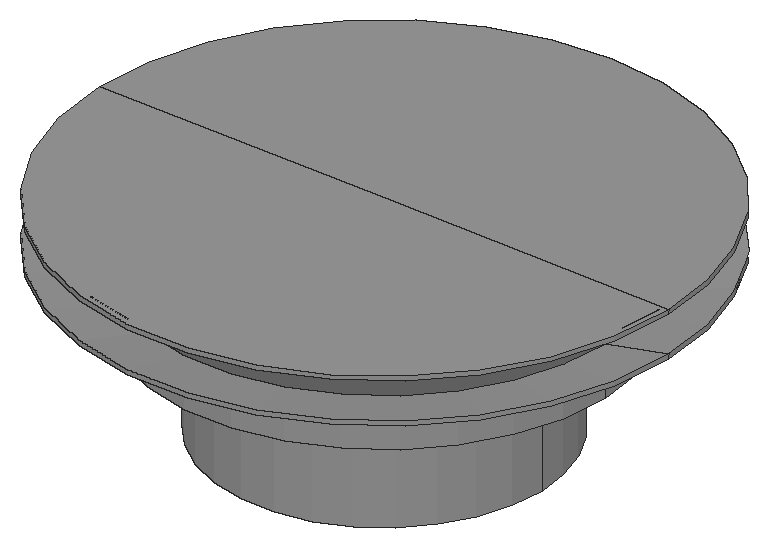
Revit family "Plumbing Fixture_Red Emperor_Rain Water Outlet_Vert", category Plumbing Fixtures, Revit 2015
Parameters (values of type "270Wx270Dx98H 285115")
  URL = "http://www.red-emperor.com.au/"
  Type Comments = ""
  Radius = Manufacturer_Overall Width / 2  # 135 mm
  Pipe Radius = 75 mm
  Pipe Dia = Pipe Radius * 2  # 150 mm
  Offset Positive [instance] = if(Manufacturer_Height From FFL > 0 mm, Manufacturer_Height From FFL, 0 mm)  # 0 mm
  Offset Negative [instance] = if(Manufacturer_Height From FFL < 0 mm, abs(Manufacturer_Height From FFL), 0 mm)  # 0 mm
  Model = "285115"
  Material_ANZRS = z_Red Emperor_Grey
  Manufacturer_URL__Product Specific = "http://www.red-emperor.com.au/all-products/ductile-iron-multi-purpose-heavy-duty-flat-vertical-rain-water-outlet-with-membrane-and-clamp-ring-150mm-pvc-hdpe.aspx"
  Manufacturer_Spec Code = Model  # "285115"
  Manufacturer_Overall Width = 270 mm
  Manufacturer_Overall Height = 98 mm
  Manufacturer_Overall Depth = Manufacturer_Overall Width  # 270 mm
  Manufacturer_Height From FFL [instance] = 0 mm
  Manufacturer = "Red Emperor"  # constant formula
  E = 120 mm  # constant formula
  A = 112 mm  # constant formula
  Description = "Ductile Iron Multi-Purpose Heavy Duty Flat Vertical Rain, Water Outlet (with Membrane and Clamp Ring) 100mm PVC/HDPE"
  CreatedBy_ANZRS = "IGS - BIM Solutions"  # constant formula
  CreatedByURL_ANZRS = "http://www.igsgroup.com.au/"
Types (3, lengths in mm): name | Radius | Pipe Radius | Pipe Dia | Model | Manufacturer_URL__Product Specific | Manufacturer_Spec Code | Manufacturer_Overall Width | Manufacturer_Overall Height | Manufacturer_Overall Depth
  (no name) | 135 | 75 | 150 | "285115" | "http://www.red-emperor.com.au/all-products/ductile-iron-multi-purpose-heavy-duty-flat-vertical-rain-water-outlet-with-membrane-and-clamp-ring-150mm-pvc-hdpe.aspx" | "285115" | 270 | 98 | 270
  260Wx260Dx100H 285101 | 130 | 50 | 100 | "285101" | "http://www.red-emperor.com.au/all-products/ductile-iron-multi-purpose-heavy-duty-flat-vertical-rain-water-outlet-with-membrane-and-clamp-ring-100mm-pvc-hdpe.aspx" | "285101" | 260 | 100 | 260
  270Wx270Dx98H 285115 | 135 | 75 | 150 | "285115" | "http://www.red-emperor.com.au/all-products/ductile-iron-multi-purpose-heavy-duty-flat-vertical-rain-water-outlet-with-membrane-and-clamp-ring-150mm-pvc-hdpe.aspx" | "285115" | 270 | 98 | 270
Reference planes
  plane 1 "Bottom": z = -98
  plane 2 "Center (Left/Right)": x = 0
  plane 3 "Offset Positive": z = 0
  plane 4 "Right": x = 135
  plane 5 "Left": x = -135
  plane 6 "Back": y = 155.962
  plane 7 "Front": y = -114.038
  plane 8 "Center (Front/Back)": y = 20.962
  plane 9 "Top": z = 0
  plane 10 "Outlet Left": x = -75
  plane 11 "Outlet Right": x = 75
  plane 12 "Outlet Back": y = 95.962
  plane 13 "Outlet Front": y = -54.038
Forms (mm)
  Revolve 1, solid, material "z_Red Emperor_Grey" <- "Material_ANZRS"
    sketch origin (-636.066, 20.962, 1200) x (-1, 0, 0) y (0, 0, 1)
      loop
        line (-501.066, -1200) -> (-636.066, -1200) -> (-636.066, -1298) -> (-561.066, -1298) -> (-561.066, -1248) -> (-531.066, -1248) -> (-531.066, -1227.071) -> (-501.066, -1221.032) -> (-501.066, -1218.962) -> (-531.066, -1225) -> (-506.066, -1202) -> (-501.066, -1202) -> (-501.066, -1200)
      axis (-636.066, -1200) -> (-636.066, -1298)
    angle from 0 to 360
Lines and regions (mm)
  Masking region 1
    outline origin (0, 0, 0) x (1, 0, 0) y (0, 0, 1)
      loop
        line (-135, 0) -> (-135, -2) -> (-130, -2) -> (-113.038, -18.962) -> (-135, -18.962) -> (-135, -21.032) -> (-105, -27.071) -> (-105, -48) -> (-75, -48) -> (-75, -98) -> (75, -98) -> (75, -48) -> (105, -48) -> (105, -27.071) -> (135, -21.032) -> (135, -18.962) -> (113.038, -18.962) -> (130, -2) -> (135, -2) -> (135, 0) -> (-135, 0)
  Masking region 2
    outline origin (0, 0, 0) x (0, 1, 0) y (0, 0, 1)
      loop
        line (155.962, 0) -> (-114.038, 0) -> (-114.038, -2) -> (-108.992, -2) -> (-92.03, -16.962) -> (-114.038, -16.962) -> (-114.038, -21.032) -> (-84.038, -27.071) -> (-84.038, -48) -> (-54.038, -48) -> (-54.038, -98) -> (95.962, -98) -> (95.962, -48) -> (125.962, -48) -> (125.962, -27.071) -> (155.962, -21.032) -> (155.962, -18.962) -> (133.955, -18.962) -> (150.916, -2) -> (155.962, -2) -> (155.962, 0)
  Masking region 3
    outline origin (0, 0, 0) x (-1, 0, 0) y (0, -1, 0)
      loop
        circle (0, -20.962) r 135
  symbolic lines, style "Drain", detail levels fine
    curve 1: line (-130, 0, -2) -> (130, 0, -2)
    curve 2: line (-113.038, 0, -18.962) -> (113.038, 0, -18.962)
    curve 3: line (-105, 0, -27.071) -> (105, 0, -27.071)
    curve 4: line (-75, 0, -48) -> (75, 0, -48)
    curve 5: line (0, 150.916, -2) -> (0, -109.038, -2)
    curve 6: line (0, 133.955, -18.962) -> (0, -92.03, -18.962)
    curve 7: line (0, 125.962, -27.071) -> (0, -84.038, -27.071)
    curve 8: line (0, 95.962, -48) -> (0, -54.038, -48)
  model lines, style "InvisibleLines"
    curve 9: line (0, 20.962, 0) -> (0, 20.962, 10)
Text (mm)
  text "> Contact Red Emperor to confirm feasibility of design variations outside the scope of this Revit Family\n\n\n\nDisclaimer:\n\nDue to ongoing product development and manufacturing evolution, product details are subject to change without notice.\n\nPlease refer to product technical data sheets on www.red-emperor.com.au for the most current product information.\n\nPlease allow a +/- 5mm tolerance for dimensions and set-outs shown in product literature.\n\n© Copyright 2016 Red Emperor Pty Ltd" at (1152.832, 464.238, 0), in view "Ref. Level"
Dimensions and locks
  "Manufacturer_Overall Width": plane 5 "Left" to plane 4 "Right"
  "Manufacturer_Overall Depth": plane 6 "Back" to plane 7 "Front"
  equal spacing: plane 5 "Left", plane 2 "Center (Left/Right)", plane 4 "Right"
  equal spacing: plane 6 "Back", plane 8 "Center (Front/Back)", plane 7 "Front"
  "Offset Positive": plane 3 "Offset Positive" to level
  "Offset Negative": plane 3 "Offset Positive" to plane 9 "Top"
  "Manufacturer_Overall Height": plane 9 "Top" to plane 1 "Bottom"
  "Pipe Radius": plane 2 "Center (Left/Right)" to plane 10 "Outlet Left"
  "Pipe Radius": plane 11 "Outlet Right" to plane 2 "Center (Left/Right)"
  "Pipe Radius": plane 12 "Outlet Back" to plane 8 "Center (Front/Back)"
  "Pipe Radius": plane 8 "Center (Front/Back)" to plane 13 "Outlet Front"
  locked: curve 9 to plane 9 "Top" at 10
  "Radius": radius of Masking region 3 sketch curve
  aligned and locked: Revolve 1 sketch curve to plane 5 "Left"
  aligned and locked: Revolve 1 sketch curve to plane 9 "Top"
  aligned and locked: Revolve 1 sketch curve to plane 1 "Bottom"
  aligned and locked: Revolve 1 sketch curve to plane 10 "Outlet Left"
  aligned and locked: Revolve 1 sketch curve to plane 2 "Center (Left/Right)"  (x2)
  aligned and locked: curve 1 to Masking region 1
  aligned and locked: curve 1 to Revolve 1
  aligned and locked: curve 2 to Masking region 1
  aligned and locked: curve 3 to Revolve 1
  aligned and locked: curve 4 to Masking region 1
  aligned and locked: curve 4 to Revolve 1
  aligned and locked: curve 5 to Masking region 2
  aligned and locked: curve 6 to Revolve 1
  aligned and locked: curve 7 to Revolve 1
  aligned and locked: Masking region 2 to curve 8
  aligned and locked: Revolve 1 to curve 8
  aligned and locked: Masking region 1 sketch curve to plane 11 "Outlet Right"
  aligned and locked: plane 11 "Outlet Right" to curve 4
  aligned and locked: plane 12 "Outlet Back" to Masking region 2 sketch curve
  aligned and locked: plane 13 "Outlet Front" to Masking region 2 sketch curve
  aligned and locked: plane 13 "Outlet Front" to curve 8
  aligned and locked: nested 1 to plane 8 "Center (Front/Back)"
  aligned and locked: plane 2 "Center (Left/Right)" to nested 1
  aligned and locked: plane 2 "Center (Left/Right)" to curve 9
  aligned and locked: plane 9 "Top" to curve 9
Automatic sketch dimensions
  Revolve 1 sketch curve to plane 5 "Left" = 0 mm
  plane 5 "Left" to Revolve 1 sketch curve = 30 mm
  Revolve 1 sketch curve to Revolve 1 sketch curve = 0 mm
  Revolve 1 sketch curve to plane 9 "Top" = 2 mm
  Revolve 1 sketch curve to Revolve 1 sketch curve = 5 mm
  plane 1 "Bottom" to Revolve 1 sketch curve = 50 mm
  Revolve 1 sketch curve to Revolve 1 sketch curve = 20.929 mm
  Revolve 1 sketch curve to Revolve 1 sketch curve = 2.071 mm  (x2)
  Revolve 1 sketch curve to Revolve 1 sketch curve = 19.032 mm
  Revolve 1 sketch curve to plane 1 "Bottom" = 104.8 mm
  Revolve 1 sketch curve to level = 104.8 mm
  Masking region 2 sketch curve to plane 7 "Front" = 0 mm  (x2)
  Masking region 2 sketch curve to plane 1 "Bottom" = 0 mm
  Masking region 2 sketch curve to plane 6 "Back" = 0 mm  (x2)
  Masking region 2 sketch curve to plane 9 "Top" = 0 mm
  Masking region 2 sketch curve to plane 9 "Top" = 2 mm  (x2)
  Masking region 2 sketch curve to Masking region 2 sketch curve = 5.046 mm  (x2)
  plane 7 "Front" to Masking region 2 sketch curve = 22.008 mm
  plane 7 "Front" to Masking region 2 sketch curve = 30 mm
  plane 6 "Back" to Masking region 2 sketch curve = 30 mm
  Masking region 2 sketch curve to Masking region 2 sketch curve = 7.992 mm
  plane 1 "Bottom" to Masking region 2 sketch curve = 50 mm  (x2)
  Masking region 2 sketch curve to Masking region 2 sketch curve = 20.929 mm  (x2)
  Masking region 2 sketch curve to Masking region 2 sketch curve = 19.032 mm  (x2)
  Masking region 2 sketch curve to Masking region 2 sketch curve = 2.071 mm
  Masking region 2 sketch curve to Masking region 2 sketch curve = 10.109 mm
  plane 5 "Left" to Masking region 1 sketch curve = 0 mm  (x2)
  plane 10 "Outlet Left" to Masking region 1 sketch curve = 0 mm
  Masking region 1 sketch curve to plane 1 "Bottom" = 0 mm
  plane 4 "Right" to Masking region 1 sketch curve = 0 mm  (x2)
  Masking region 1 sketch curve to plane 9 "Top" = 0 mm
  Masking region 1 sketch curve to plane 9 "Top" = 2 mm  (x2)
  Masking region 1 sketch curve to Masking region 1 sketch curve = 5 mm  (x2)
  plane 5 "Left" to Masking region 1 sketch curve = 21.962 mm
  plane 5 "Left" to Masking region 1 sketch curve = 30 mm
  plane 4 "Right" to Masking region 1 sketch curve = 30 mm
  Masking region 1 sketch curve to Masking region 1 sketch curve = 8.038 mm
  plane 1 "Bottom" to Masking region 1 sketch curve = 50 mm  (x2)
  Masking region 1 sketch curve to Masking region 1 sketch curve = 20.929 mm  (x2)
  Masking region 1 sketch curve to Masking region 1 sketch curve = 19.032 mm  (x2)
  Masking region 1 sketch curve to Masking region 1 sketch curve = 2.071 mm  (x2)
  plane 7 "Front" to curve 5 = 5 mm
  plane 7 "Front" to curve 6 = 22.008 mm
  curve 6 to curve 7 = 7.992 mm
  plane 6 "Back" to curve 7 = 30 mm
  curve 7 to curve 6 = 7.992 mm
  plane 6 "Back" to curve 5 = 5.046 mm
  Masking region 3 sketch curve to plane 2 "Center (Left/Right)" = 0 mm
  Masking region 3 sketch curve to plane 8 "Center (Front/Back)" = 0 mm
  plane 5 "Left" to curve 2 = 21.962 mm
  curve 2 to curve 3 = 8.038 mm
  plane 4 "Right" to curve 3 = 30 mm
  curve 3 to curve 2 = 8.038 mm
  plane 4 "Right" to curve 1 = 5 mm
Nested families
  nested 1: "z_Plumbing Fixture_Red Emperor_Rain Water Outlet_Vert_Plan" at (0, 20.962, 0), type "z_Plumbing Fixture_Red Emperor_Rain Water Outlet_Vert_Plan"
Connectors
  piping at (0, 20.962, -98), diameter 150, driven by "Pipe Dia"
    settings: on Revolve 1, index 1, connector inside diameter 609.6 mm, connector length 0 mm, flow factor 0, pipe flow 0.0 L/s, pressure drop 0.0 Pa, fitting loss kfactor 0, connector angle 0.00°, fixture units 0, engagement length 0 mm, angle of deflection 0.00°, flow configuration 0, flow direction 2, fitting loss method 0, system type 16, joint type 0, gender type 0, connector reference index -1, connector utility 0, adjustable connector no, is connector primary yes, connector description ""
Definition of nested family "z_Plumbing Fixture_Red Emperor_Rain Water Outlet_Vert_Plan"
  Parameters (values of type "z_Plumbing Fixture_Red Emperor_Rain Water Outlet_Vert_Plan")
    Manufacturer = "Red Emperor"
    Default Elevation = 0 mm
  Reference planes
    plane 1 "Center (Front/Back)": y = 0
    plane 2: z = 0
    plane 3 "Center (Left/Right)": x = 0
  Lines and regions (mm)
    model lines, detail levels medium+fine
      curve 1: circle (0, 0, 0) r 120 normal (0, 0, 1)
      curve 2: circle (0, 0, 0) r 112 normal (0, 0, 1)
      curve 3: circle (0, 0, 0) r 7 normal (0, 0, 1)
      curve 4: line (-60.636, 90.024, 0) -> (-62.369, 93.027, 0)
      curve 5: arc (20.582, 10.265, 0) -> (11.5, 19.919, 0) -> (-1.401, 22.957, 0) r 23
      curve 6: arc (29.666, -14.455, 0) -> (16.5, -28.579, 0) -> (-2.315, -32.919, 0) r 33
      curve 7: arc (-30.993, 31.232, 0) -> (-44, 0, 0) -> (-30.993, -31.232, 0) r 44
      curve 8: arc (-14.177, 52.106, 0) -> (27, 46.765, 0) -> (52.213, 13.776, 0) r 54
      curve 9: arc (63.884, 11.995, 0) -> (56.095, 32.838, 0) -> (41.732, 49.834, 0) r 65
      curve 10: arc (-36.125, 88.944, 0) -> (0, 96, 0) -> (36.125, 88.944, 0) r 96
      curve 11: arc (32.362, 79.679, 0) -> (0, 86, 0) -> (-32.362, 79.679, 0) r 86
      curve 12: arc (-19.181, 12.692, 0) -> (-23, 0, 0) -> (-19.181, -12.692, 0) r 23
      curve 13: arc (-1.707, 32.956, 0) -> (16.5, 28.579, 0) -> (29.394, 15, 0) r 33
      curve 14: arc (-1.401, -22.957, 0) -> (11.5, -19.919, 0) -> (20.582, -10.265, 0) r 23
      curve 15: arc (-27.687, -17.956, 0) -> (-32.999, 0.305, 0) -> (-27.351, 18.464, 0) r 33
      curve 16: arc (-1.707, 32.956, 0) -> (-6.704, 27.803, 0) -> (-1.402, 22.965, 0) r 5
      curve 17: arc (-2.315, -32.919, 0) -> (-6.686, -27.499, 0) -> (-1.402, -22.965, 0) r 5
      curve 18: arc (29.394, 15, 0) -> (27.431, 8.096, 0) -> (20.589, 10.268, 0) r 5
      curve 19: arc (-27.687, -17.956, 0) -> (-20.726, -19.708, 0) -> (-19.187, -12.697, 0) r 5
      curve 20: arc (29.666, -14.455, 0) -> (27.158, -7.96, 0) -> (20.589, -10.268, 0) r 5
      curve 21: arc (-27.351, 18.464, 0) -> (-20.472, 19.54, 0) -> (-19.187, 12.697, 0) r 5
      curve 22: arc (-11.551, -42.457, 0) -> (22, -38.105, 0) -> (42.544, -11.224, 0) r 44
      curve 23: arc (-38.037, -38.33, 0) -> (-54, 0, 0) -> (-38.037, 38.33, 0) r 54
      curve 24: arc (52.213, -13.776, 0) -> (27, -46.765, 0) -> (-14.177, -52.106, 0) r 54
      curve 25: arc (42.544, 11.224, 0) -> (22, 38.105, 0) -> (-11.551, 42.457, 0) r 44
      curve 26: line (-111.749, 7.5, 0) -> (-108.281, 7.5, 0)
      curve 27: arc (-14.177, 52.106, 0) -> (-17.689, 45.969, 0) -> (-11.551, 42.457, 0) r 5
      curve 28: arc (-38.037, 38.33, 0) -> (-30.966, 38.303, 0) -> (-30.993, 31.232, 0) r 5
      curve 29: arc (-14.177, -52.106, 0) -> (-17.689, -45.969, 0) -> (-11.551, -42.457, 0) r 5
      curve 30: arc (-38.037, -38.33, 0) -> (-30.966, -38.303, 0) -> (-30.993, -31.232, 0) r 5
      curve 31: arc (52.213, -13.776, 0) -> (48.654, -7.665, 0) -> (42.544, -11.224, 0) r 5
      curve 32: arc (52.213, 13.776, 0) -> (48.654, 7.665, 0) -> (42.544, 11.224, 0) r 5
      curve 33: arc (73.778, 13.393, 0) -> (69.558, 7.549, 0) -> (63.884, 11.995, 0) r 5
      curve 34: arc (48.488, 57.197, 0) -> (41.57, 56.763, 0) -> (41.732, 49.834, 0) r 5
      curve 35: arc (48.488, 57.197, 0) -> (64.938, 37.492, 0) -> (73.778, 13.393, 0) r 74.983
      curve 36: arc (63.884, -11.995, 0) -> (56.095, -32.838, 0) -> (41.732, -49.834, 0) r 65
      curve 37: arc (73.778, -13.393, 0) -> (69.558, -7.549, 0) -> (63.884, -11.995, 0) r 5
      curve 38: arc (48.488, -57.197, 0) -> (41.57, -56.763, 0) -> (41.732, -49.834, 0) r 5
      curve 39: arc (48.488, -57.197, 0) -> (64.938, -37.492, 0) -> (73.778, -13.393, 0) r 74.983
      curve 40: arc (-21.554, -61.322, 0) -> (0.391, -64.999, 0) -> (22.291, -61.058, 0) r 65
      curve 41: arc (-25.29, -70.59, 0) -> (-28.241, -64.013, 0) -> (-21.554, -61.322, 0) r 5
      curve 42: arc (25.29, -70.59, 0) -> (28.373, -64.382, 0) -> (22.291, -61.058, 0) r 5
      curve 43: arc (25.29, -70.59, 0) -> (0, -74.983, 0) -> (-25.29, -70.59, 0) r 74.983
      curve 44: arc (-42.33, -49.327, 0) -> (-56.486, -32.16, 0) -> (-64.024, -11.224, 0) r 65
      curve 45: arc (-48.488, -57.197, 0) -> (-41.317, -56.464, 0) -> (-42.33, -49.327, 0) r 5
      curve 46: arc (-73.778, -13.393, 0) -> (-69.943, -7.619, 0) -> (-64.024, -11.224, 0) r 5
      curve 47: arc (-73.778, -13.393, 0) -> (-64.938, -37.492, 0) -> (-48.488, -57.197, 0) r 74.983
      curve 48: arc (-42.33, 49.327, 0) -> (-56.486, 32.16, 0) -> (-64.024, 11.224, 0) r 65
      curve 49: arc (-48.488, 57.197, 0) -> (-41.317, 56.464, 0) -> (-42.33, 49.327, 0) r 5
      curve 50: arc (-73.778, 13.393, 0) -> (-69.943, 7.619, 0) -> (-64.024, 11.224, 0) r 5
      curve 51: arc (-73.778, 13.393, 0) -> (-64.938, 37.492, 0) -> (-48.488, 57.197, 0) r 74.983
      curve 52: arc (-21.554, 61.322, 0) -> (0.391, 64.999, 0) -> (22.291, 61.058, 0) r 65
      curve 53: arc (-25.29, 70.59, 0) -> (-28.241, 64.013, 0) -> (-21.554, 61.322, 0) r 5
      curve 54: arc (25.29, 70.59, 0) -> (28.373, 64.382, 0) -> (22.291, 61.058, 0) r 5
      curve 55: arc (25.29, 70.59, 0) -> (0, 74.983, 0) -> (-25.29, 70.59, 0) r 74.983
      curve 56: arc (36.125, 88.944, 0) -> (38.876, 82.43, 0) -> (32.362, 79.679, 0) r 5
      curve 57: arc (-36.125, 88.944, 0) -> (-38.876, 82.43, 0) -> (-32.362, 79.679, 0) r 5
      curve 58: arc (95.09, 13.187, 0) -> (83.138, 48, 0) -> (58.965, 75.757, 0) r 96
      curve 59: arc (52.823, 67.866, 0) -> (74.478, 43, 0) -> (85.185, 11.813, 0) r 86
      curve 60: arc (58.965, 75.757, 0) -> (51.948, 74.882, 0) -> (52.823, 67.866, 0) r 5
      curve 61: arc (95.09, 13.187, 0) -> (90.824, 7.547, 0) -> (85.185, 11.813, 0) r 5
      curve 62: arc (95.09, -13.187, 0) -> (83.138, -48, 0) -> (58.965, -75.757, 0) r 96
      curve 63: arc (52.823, -67.866, 0) -> (74.478, -43, 0) -> (85.185, -11.813, 0) r 86
      curve 64: arc (58.965, -75.757, 0) -> (51.948, -74.882, 0) -> (52.823, -67.866, 0) r 5
      curve 65: arc (95.09, -13.187, 0) -> (90.824, -7.547, 0) -> (85.185, -11.813, 0) r 5
      curve 66: arc (-36.125, -88.944, 0) -> (0, -96, 0) -> (36.125, -88.944, 0) r 96
      curve 67: arc (32.362, -79.679, 0) -> (0, -86, 0) -> (-32.362, -79.679, 0) r 86
      curve 68: arc (36.125, -88.944, 0) -> (38.876, -82.43, 0) -> (32.362, -79.679, 0) r 5
      curve 69: arc (-36.125, -88.944, 0) -> (-38.876, -82.43, 0) -> (-32.362, -79.679, 0) r 5
      curve 70: arc (-58.965, -75.757, 0) -> (-83.138, -48, 0) -> (-95.09, -13.187, 0) r 96
      curve 71: arc (-85.185, -11.813, 0) -> (-74.478, -43, 0) -> (-52.823, -67.866, 0) r 86
      curve 72: arc (-95.09, -13.187, 0) -> (-90.824, -7.547, 0) -> (-85.185, -11.813, 0) r 5
      curve 73: arc (-58.965, -75.757, 0) -> (-51.948, -74.882, 0) -> (-52.823, -67.866, 0) r 5
      curve 74: arc (-58.965, 75.757, 0) -> (-83.138, 48, 0) -> (-95.09, 13.187, 0) r 96
      curve 75: arc (-85.185, 11.813, 0) -> (-74.478, 43, 0) -> (-52.823, 67.866, 0) r 86
      curve 76: arc (-95.09, 13.187, 0) -> (-90.824, 7.547, 0) -> (-85.185, 11.813, 0) r 5
      curve 77: arc (-58.965, 75.757, 0) -> (-51.948, 74.882, 0) -> (-52.823, 67.866, 0) r 5
      curve 78: arc (-61.986, 83.509, 0) -> (-90.067, 52, 0) -> (-103.314, 11.927, 0) r 104
      curve 79: arc (-60.636, 90.024, 0) -> (-60.07, 86.509, 0) -> (-61.986, 83.509, 0) r 5
      curve 80: arc (-103.314, 11.927, 0) -> (-104.954, 8.767, 0) -> (-108.281, 7.5, 0) r 5
      curve 81: line (-47.645, 97.524, 0) -> (-49.379, 100.527, 0)
      curve 82: line (49.379, 100.527, 0) -> (47.645, 97.524, 0)
      curve 83: arc (-41.328, 95.436, 0) -> (0, 104, 0) -> (41.328, 95.436, 0) r 104
      curve 84: arc (-47.645, 97.524, 0) -> (-44.884, 95.277, 0) -> (-41.328, 95.436, 0) r 5
      curve 85: arc (41.328, 95.436, 0) -> (44.884, 95.277, 0) -> (47.645, 97.524, 0) r 5
      curve 86: line (108.281, 7.5, 0) -> (111.749, 7.5, 0)
      curve 87: line (62.369, 93.027, 0) -> (60.636, 90.024, 0)
      curve 88: arc (103.314, 11.927, 0) -> (90.067, 52, 0) -> (61.986, 83.509, 0) r 104
      curve 89: arc (108.281, 7.5, 0) -> (104.954, 8.767, 0) -> (103.314, 11.927, 0) r 5
      curve 90: arc (61.986, 83.509, 0) -> (60.07, 86.509, 0) -> (60.636, 90.024, 0) r 5
      curve 91: line (108.281, -7.5, 0) -> (111.749, -7.5, 0)
      curve 92: line (62.369, -93.027, 0) -> (60.636, -90.024, 0)
      curve 93: arc (103.314, -11.927, 0) -> (90.067, -52, 0) -> (61.986, -83.509, 0) r 104
      curve 94: arc (108.281, -7.5, 0) -> (104.954, -8.767, 0) -> (103.314, -11.927, 0) r 5
      curve 95: arc (61.986, -83.509, 0) -> (60.07, -86.509, 0) -> (60.636, -90.024, 0) r 5
      curve 96: line (-47.645, -97.524, 0) -> (-49.379, -100.527, 0)
      curve 97: line (49.379, -100.527, 0) -> (47.645, -97.524, 0)
      curve 98: arc (-41.328, -95.436, 0) -> (0, -104, 0) -> (41.328, -95.436, 0) r 104
      curve 99: arc (-47.645, -97.524, 0) -> (-44.884, -95.277, 0) -> (-41.328, -95.436, 0) r 5
      curve 100: arc (41.328, -95.436, 0) -> (44.884, -95.277, 0) -> (47.645, -97.524, 0) r 5
      curve 101: line (-60.636, -90.024, 0) -> (-62.369, -93.027, 0)
      curve 102: line (-111.749, -7.5, 0) -> (-108.281, -7.5, 0)
      curve 103: arc (-61.986, -83.509, 0) -> (-90.067, -52, 0) -> (-103.314, -11.927, 0) r 104
      curve 104: arc (-60.636, -90.024, 0) -> (-60.07, -86.509, 0) -> (-61.986, -83.509, 0) r 5
      curve 105: arc (-103.314, -11.927, 0) -> (-104.954, -8.767, 0) -> (-108.281, -7.5, 0) r 5
    symbolic lines, detail levels fine
      curve 106: arc (-30.993, 31.232, 0) -> (-44, 0, 0) -> (-30.993, -31.232, 0) r 44
      curve 107: arc (-30.993, -31.232, 0) -> (-30.966, -38.303, 0) -> (-38.037, -38.33, 0) r 5
      curve 108: arc (-38.037, -38.33, 0) -> (-54, 0, 0) -> (-38.037, 38.33, 0) r 54
      curve 109: arc (-38.037, 38.33, 0) -> (-30.966, 38.303, 0) -> (-30.993, 31.232, 0) r 5
      curve 110: arc (-42.33, 49.327, 0) -> (-56.486, 32.16, 0) -> (-64.024, 11.224, 0) r 65
      curve 111: arc (-64.024, 11.224, 0) -> (-69.943, 7.619, 0) -> (-73.778, 13.393, 0) r 5
      curve 112: arc (-73.778, 13.393, 0) -> (-64.938, 37.492, 0) -> (-48.488, 57.197, 0) r 74.983
      curve 113: arc (-48.488, 57.197, 0) -> (-41.317, 56.464, 0) -> (-42.33, 49.327, 0) r 5
      curve 114: arc (-85.185, 11.813, 0) -> (-74.478, 43, 0) -> (-52.823, 67.866, 0) r 86
      curve 115: arc (-52.823, 67.866, 0) -> (-51.948, 74.882, 0) -> (-58.965, 75.757, 0) r 5
      curve 116: arc (-58.965, 75.757, 0) -> (-83.138, 48, 0) -> (-95.09, 13.187, 0) r 96
      curve 117: arc (-95.09, 13.187, 0) -> (-90.824, 7.547, 0) -> (-85.185, 11.813, 0) r 5
      curve 118: line (-62.369, 93.027, 0) -> (-60.636, 90.024, 0)
      curve 119: arc (-60.636, 90.024, 0) -> (-60.07, 86.509, 0) -> (-61.986, 83.509, 0) r 5
      curve 120: arc (-61.986, 83.509, 0) -> (-90.067, 52, 0) -> (-103.314, 11.927, 0) r 104
      curve 121: arc (-103.314, 11.927, 0) -> (-104.954, 8.767, 0) -> (-108.281, 7.5, 0) r 5
      curve 122: line (-108.281, 7.5, 0) -> (-111.749, 7.5, 0)
      curve 124: circle (0, 0, 0) r 120 normal (0, 0, 1)
      curve 125: line (-62.369, -93.027, 0) -> (-60.636, -90.024, 0)
      curve 126: arc (-60.636, -90.024, 0) -> (-60.07, -86.509, 0) -> (-61.986, -83.509, 0) r 5
      curve 127: arc (-61.986, -83.509, 0) -> (-90.067, -52, 0) -> (-103.314, -11.927, 0) r 104
      curve 128: arc (-103.314, -11.927, 0) -> (-104.954, -8.767, 0) -> (-108.281, -7.5, 0) r 5
      curve 129: line (-108.281, -7.5, 0) -> (-111.749, -7.5, 0)
      curve 130: arc (-95.09, -13.187, 0) -> (-90.824, -7.547, 0) -> (-85.185, -11.813, 0) r 5
      curve 131: arc (-85.185, -11.813, 0) -> (-74.478, -43, 0) -> (-52.823, -67.866, 0) r 86
      curve 132: arc (-52.823, -67.866, 0) -> (-51.948, -74.882, 0) -> (-58.965, -75.757, 0) r 5
      curve 133: arc (-58.965, -75.757, 0) -> (-83.138, -48, 0) -> (-95.09, -13.187, 0) r 96
      curve 134: arc (-73.778, -13.393, 0) -> (-69.943, -7.619, 0) -> (-64.024, -11.224, 0) r 5
      curve 135: arc (-64.024, -11.224, 0) -> (-56.486, -32.16, 0) -> (-42.33, -49.327, 0) r 65
      curve 136: arc (-42.33, -49.327, 0) -> (-41.317, -56.464, 0) -> (-48.488, -57.197, 0) r 5
      curve 137: arc (-48.488, -57.197, 0) -> (-64.938, -37.492, 0) -> (-73.778, -13.393, 0) r 74.983
      curve 138: arc (-19.187, -12.697, 0) -> (-20.726, -19.708, 0) -> (-27.687, -17.956, 0) r 5
      curve 139: arc (-27.687, -17.956, 0) -> (-32.999, 0.305, 0) -> (-27.351, 18.464, 0) r 33
      curve 140: arc (-27.351, 18.464, 0) -> (-20.472, 19.54, 0) -> (-19.187, 12.697, 0) r 5
      curve 141: arc (-19.181, 12.692, 0) -> (-23, 0, 0) -> (-19.181, -12.692, 0) r 23
      curve 142: line (-49.379, -100.527, 0) -> (-47.645, -97.524, 0)
      curve 143: arc (-47.645, -97.524, 0) -> (-44.884, -95.277, 0) -> (-41.328, -95.436, 0) r 5
      curve 144: arc (-41.328, -95.436, 0) -> (0, -104, 0) -> (41.328, -95.436, 0) r 104
      curve 145: arc (41.328, -95.436, 0) -> (44.884, -95.277, 0) -> (47.645, -97.524, 0) r 5
      curve 146: line (47.645, -97.524, 0) -> (49.379, -100.527, 0)
      curve 147: arc (-36.125, -88.944, 0) -> (0, -96, 0) -> (36.125, -88.944, 0) r 96
      curve 148: arc (36.125, -88.944, 0) -> (38.876, -82.43, 0) -> (32.362, -79.679, 0) r 5
      curve 149: arc (32.362, -79.679, 0) -> (0, -86, 0) -> (-32.362, -79.679, 0) r 86
      curve 150: arc (-32.362, -79.679, 0) -> (-38.876, -82.43, 0) -> (-36.125, -88.944, 0) r 5
      curve 151: arc (25.29, -70.59, 0) -> (0, -74.983, 0) -> (-25.29, -70.59, 0) r 74.983
      curve 152: arc (-25.29, -70.59, 0) -> (-28.241, -64.013, 0) -> (-21.554, -61.322, 0) r 5
      curve 153: arc (-21.554, -61.322, 0) -> (0.391, -64.999, 0) -> (22.291, -61.058, 0) r 65
      curve 154: arc (22.291, -61.058, 0) -> (28.373, -64.382, 0) -> (25.29, -70.59, 0) r 5
      curve 155: arc (52.213, -13.776, 0) -> (27, -46.765, 0) -> (-14.177, -52.106, 0) r 54
      curve 156: arc (-14.177, -52.106, 0) -> (-17.689, -45.969, 0) -> (-11.551, -42.457, 0) r 5
      curve 157: arc (-11.551, -42.457, 0) -> (22, -38.105, 0) -> (42.544, -11.224, 0) r 44
      curve 158: arc (42.544, -11.224, 0) -> (48.654, -7.665, 0) -> (52.213, -13.776, 0) r 5
      curve 159: arc (20.589, -10.268, 0) -> (27.158, -7.96, 0) -> (29.666, -14.455, 0) r 5
      curve 160: arc (29.666, -14.455, 0) -> (16.5, -28.579, 0) -> (-2.315, -32.919, 0) r 33
      curve 161: arc (-2.315, -32.919, 0) -> (-6.686, -27.499, 0) -> (-1.402, -22.965, 0) r 5
      curve 162: arc (-1.401, -22.957, 0) -> (11.5, -19.919, 0) -> (20.582, -10.265, 0) r 23
      curve 163: arc (63.884, -11.995, 0) -> (56.095, -32.838, 0) -> (41.732, -49.834, 0) r 65
      curve 164: arc (41.732, -49.834, 0) -> (41.57, -56.763, 0) -> (48.488, -57.197, 0) r 5
      curve 165: arc (48.488, -57.197, 0) -> (64.938, -37.492, 0) -> (73.778, -13.393, 0) r 74.983
      curve 166: arc (73.778, -13.393, 0) -> (69.558, -7.549, 0) -> (63.884, -11.995, 0) r 5
      curve 167: arc (52.823, -67.866, 0) -> (74.478, -43, 0) -> (85.185, -11.813, 0) r 86
      curve 168: arc (85.185, -11.813, 0) -> (90.824, -7.547, 0) -> (95.09, -13.187, 0) r 5
      curve 169: arc (95.09, -13.187, 0) -> (83.138, -48, 0) -> (58.965, -75.757, 0) r 96
      curve 170: arc (58.965, -75.757, 0) -> (51.948, -74.882, 0) -> (52.823, -67.866, 0) r 5
      curve 171: line (111.749, -7.5, 0) -> (108.281, -7.5, 0)
      curve 172: arc (108.281, -7.5, 0) -> (104.954, -8.767, 0) -> (103.314, -11.927, 0) r 5
      curve 173: arc (103.314, -11.927, 0) -> (90.067, -52, 0) -> (61.986, -83.509, 0) r 104
      curve 174: arc (61.986, -83.509, 0) -> (60.07, -86.509, 0) -> (60.636, -90.024, 0) r 5
      curve 175: line (60.636, -90.024, 0) -> (62.369, -93.027, 0)
      curve 176: line (111.749, 7.5, 0) -> (108.281, 7.5, 0)
      curve 177: arc (108.281, 7.5, 0) -> (104.954, 8.767, 0) -> (103.314, 11.927, 0) r 5
      curve 178: arc (103.314, 11.927, 0) -> (90.067, 52, 0) -> (61.986, 83.509, 0) r 104
      curve 179: arc (61.986, 83.509, 0) -> (60.07, 86.509, 0) -> (60.636, 90.024, 0) r 5
      curve 180: line (60.636, 90.024, 0) -> (62.369, 93.027, 0)
      curve 181: arc (95.09, 13.187, 0) -> (83.138, 48, 0) -> (58.965, 75.757, 0) r 96
      curve 182: arc (58.965, 75.757, 0) -> (51.948, 74.882, 0) -> (52.823, 67.866, 0) r 5
      curve 183: arc (52.823, 67.866, 0) -> (74.478, 43, 0) -> (85.185, 11.813, 0) r 86
      curve 184: arc (85.185, 11.813, 0) -> (90.824, 7.547, 0) -> (95.09, 13.187, 0) r 5
      curve 185: arc (48.488, 57.197, 0) -> (64.938, 37.492, 0) -> (73.778, 13.393, 0) r 74.983
      curve 186: arc (73.778, 13.393, 0) -> (69.558, 7.549, 0) -> (63.884, 11.995, 0) r 5
      curve 187: arc (63.884, 11.995, 0) -> (56.095, 32.838, 0) -> (41.732, 49.834, 0) r 65
      curve 188: arc (41.732, 49.834, 0) -> (41.57, 56.763, 0) -> (48.488, 57.197, 0) r 5
      curve 189: arc (-14.177, 52.106, 0) -> (27, 46.765, 0) -> (52.213, 13.776, 0) r 54
      curve 190: arc (52.213, 13.776, 0) -> (48.654, 7.665, 0) -> (42.544, 11.224, 0) r 5
      curve 191: arc (42.544, 11.224, 0) -> (22, 38.105, 0) -> (-11.551, 42.457, 0) r 44
      curve 192: arc (-11.551, 42.457, 0) -> (-17.689, 45.969, 0) -> (-14.177, 52.106, 0) r 5
      curve 193: arc (-1.402, 22.965, 0) -> (-6.704, 27.803, 0) -> (-1.707, 32.956, 0) r 5
      curve 194: arc (-1.707, 32.956, 0) -> (16.5, 28.579, 0) -> (29.394, 15, 0) r 33
      curve 195: arc (29.394, 15, 0) -> (27.431, 8.096, 0) -> (20.589, 10.268, 0) r 5
      curve 196: arc (20.582, 10.265, 0) -> (11.5, 19.919, 0) -> (-1.401, 22.957, 0) r 23
      curve 197: arc (-21.554, 61.322, 0) -> (0.391, 64.999, 0) -> (22.291, 61.058, 0) r 65
      curve 198: arc (22.291, 61.058, 0) -> (28.373, 64.382, 0) -> (25.29, 70.59, 0) r 5
      curve 199: arc (25.29, 70.59, 0) -> (0, 74.983, 0) -> (-25.29, 70.59, 0) r 74.983
      curve 200: arc (-25.29, 70.59, 0) -> (-28.241, 64.013, 0) -> (-21.554, 61.322, 0) r 5
      curve 201: arc (32.362, 79.679, 0) -> (0, 86, 0) -> (-32.362, 79.679, 0) r 86
      curve 202: arc (-32.362, 79.679, 0) -> (-38.876, 82.43, 0) -> (-36.125, 88.944, 0) r 5
      curve 203: arc (-36.125, 88.944, 0) -> (0, 96, 0) -> (36.125, 88.944, 0) r 96
      curve 204: arc (36.125, 88.944, 0) -> (38.876, 82.43, 0) -> (32.362, 79.679, 0) r 5
      curve 205: line (-49.379, 100.527, 0) -> (-47.645, 97.524, 0)
      curve 206: arc (-47.645, 97.524, 0) -> (-44.884, 95.277, 0) -> (-41.328, 95.436, 0) r 5
      curve 207: arc (-41.328, 95.436, 0) -> (0, 104, 0) -> (41.328, 95.436, 0) r 104
      curve 208: arc (41.328, 95.436, 0) -> (44.884, 95.277, 0) -> (47.645, 97.524, 0) r 5
      curve 209: line (47.645, 97.524, 0) -> (49.379, 100.527, 0)
      curve 210: circle (0, 0, 0) r 7 normal (0, 0, 1)
    symbolic lines, detail levels medium+fine
      curve 123: circle (0, 0, 0) r 112 normal (0, 0, 1)
    model lines
      curve 211: line (0, 0, 0) -> (0, 0, 25)
  Dimensions and locks
    locked: curve 211 to plane 2 at 25
    aligned and locked: level to plane 2
    aligned and locked: curve 118 to curve 4
    aligned and locked: curve 122 to curve 26
    aligned and locked: curve 125 to curve 101
    aligned and locked: curve 129 to curve 102
    aligned and locked: curve 142 to curve 96
    aligned and locked: curve 146 to curve 97
    aligned and locked: curve 171 to curve 91
    aligned and locked: curve 175 to curve 92
    aligned and locked: curve 176 to curve 86
    aligned and locked: curve 180 to curve 87
    aligned and locked: curve 205 to curve 81
    aligned and locked: curve 209 to curve 82
